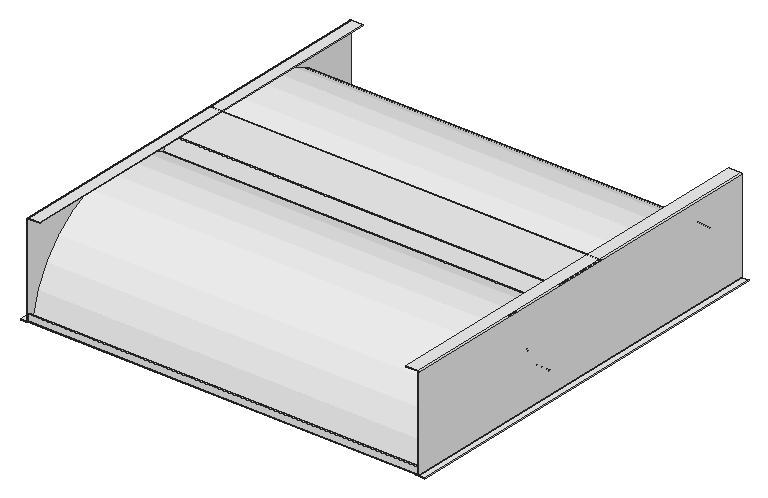
Revit family "LRTM2x2_2x4", category Lighting Fixtures, host Ceiling, Revit 2019
Family settings
  Host = Ceiling
  Round Connector Dimension = Use Diameter
  Part Type = Normal
  OmniClass Number = 23.80.70.11.14.17
  OmniClass Title = Direct/Indirect
  Always vertical = Yes
  Cut with Voids When Loaded = No
  Light Source = Yes
  Shared = No
  Room Calculation Point = No
Parameters (values of type "LRTM2X2-LED840K040LUNV")
  Width = 1' - 11 11/16"
  Wattage = 37 W
  built-in parameter 1150110 = 1 (stored number, unit not read)
  Voltage = 120 V
  URL = "https://www.viscor.com/en/products/lrtm"
  built-in parameter 1114217 = 0.9 (stored number, unit not read)
  Tilt Angle = 90.00°
  built-in parameter 1150109 = 1 (stored number, unit not read)
  built-in parameter 1150134 = 12
  built-in parameter 1150113 = 1 (stored number, unit not read)
  Reflector Width = Width / 2  # 0' - 11 27/32"
  Photometric Web File = "LRTM2x2-LED840K031LUNV-G0660.IES"
  Model = "LRTM"  # constant formula
  Manufacturer = "VISIONEERING by VISCOR"  # constant formula
  Lumens = 3108 lm
  built-in parameter 1150115 = 1 (stored number, unit not read)
  built-in parameter 1150105 = 247.33 (stored number, unit not read)
  built-in parameter 1150137 = (empty or 0)
  built-in parameter 1150139 = (empty or 0)
  Lens Finish = Acrylic - Viscor - Opal White
  Length = 1' - 11 3/4"
  Lamp Wattage = 37 VA
  built-in parameter 1150112 = 1 (stored number, unit not read)
  built-in parameter 1150114 = 1 (stored number, unit not read)
  Lamp = "LED"  # constant formula
  built-in parameter 1150132 = (empty or 0)
  built-in parameter 1150102 = (empty or 0)
  built-in parameter 1150138 = (empty or 0)
  built-in parameter 1150107 = 4000 (stored number, unit not read)
  built-in parameter 1150106 = 2.4733 (stored number, unit not read)
  Housing Finish = Metal - Viscor - White
  Emit from Rectangle Width = Width  # 1' - 11 11/16"
  Emit from Rectangle Length = Length  # 1' - 11 3/4"
  Emit Shape Visible in Rendering = no
  built-in parameter 1150104 = 7.8039 (stored number, unit not read)
  Dimming Lamp Color Temperature Shift = <None>
  Description = "LED Troffer Dish Center Basket"  # constant formula
  Color Filter = 16777215
  Basket Finish = Metal - Viscor - White Perforated Shield
  built-in parameter 1114218 = 1 (stored number, unit not read)
  built-in parameter 1150133 = 10 (stored number, unit not read)
  Assembly Code = "D5020200"
  Apparent Load = Lamp Wattage  # 37 VA
Types (4): name | Wattage | Photometric Web File | Lumens | built-in parameter 1150105 | Length | Lamp Wattage | built-in parameter 1150106 | Emit from Rectangle Length | built-in parameter 1150104 | Apparent Load
  (no name) | 37 W | "LRTM2x2-LED840K031LUNV-G0660.IES" | 3108 lm | 247.33 (stored number, unit not read) | 1' - 11 3/4" | 37 VA | 2.4733 (stored number, unit not read) | 1' - 11 3/4" | 7.8039 (stored number, unit not read) | 37 VA
  LRTM2X2-LED840K040LUNV | 37 W | "LRTM2x2-LED840K031LUNV-G0660.IES" | 3108 lm | 247.33 (stored number, unit not read) | 1' - 11 3/4" | 37 VA | 2.4733 (stored number, unit not read) | 1' - 11 3/4" | 7.8039 (stored number, unit not read) | 37 VA
  LRTM2x4-LED840K062LUNV | 76 W | "LRTM2x4-LED840K062LUNV-G0632.IES" | 5928 lm | 471.74 (stored number, unit not read) | 3' - 11 3/4" | 76 VA | 4.7174 (stored number, unit not read) | 3' - 11 3/4" | 7.2464 (stored number, unit not read) | 76 VA
  LRTM2x4-LED840K040LUNV | 46 W | "LRTM2x4-LED840K040LUNV-G0616.IES" | 4048 lm | 322.13 (stored number, unit not read) | 3' - 11 3/4" | 46 VA | 3.2213 (stored number, unit not read) | 3' - 11 3/4" | 8.1755 (stored number, unit not read) | 46 VA
Reference planes (in)
  plane 1 "Light Source Axis (F/B)": y = 0
  plane 2 "Ceiling": z = 96
  plane 3 "Light Source Axis (L/R)": x = 0
  plane 4 "Light Source Elevation": z = 95.96875
  plane 5: y = 11.84375
  plane 6: y = -11.84375
  plane 7: x = -11.875
  plane 8: x = 11.875
  plane 9: x = -11.8125
  plane 10: x = 11.8125
  plane 11: y = 11.38675
  plane 12: y = -11.38675
  plane 13: x = -11.449
  plane 14: x = 11.449
Forms (in)
  Extrusion 1, solid, material "Metal - Viscor - White" <- "Housing Finish"
    sketch origin (0, 0, 0) x (1, 0, 0) y (0, 0, 1)
      loop
        line (-11.875, 96) -> (-11.521, 96)
        arc (-11.521, 96) -> (-11.47221, 96.02021) -> (-11.452, 96.069) r 0.069
        line (-11.452, 96.069) -> (-11.452, 101.431)
        arc (-11.452, 101.431) -> (-11.44058, 101.45858) -> (-11.413, 101.47) r 0.039
        line (-11.413, 101.47) -> (-10.732, 101.47) -> (-10.732, 101.50125) -> (-11.413, 101.50125)
        arc (-11.413, 101.50125) -> (-11.46267, 101.48067) -> (-11.48325, 101.431) r 0.07025
        line (-11.48325, 101.431) -> (-11.48325, 96.069)
        arc (-11.48325, 96.069) -> (-11.49431, 96.04231) -> (-11.521, 96.03125) r 0.03775
        line (-11.521, 96.03125) -> (-11.875, 96.03125) -> (-11.875, 96)
    from -11.84375 to 11.84375
  Extrusion 2, solid, material "Metal - Viscor - White" <- "Housing Finish"
    sketch origin (0, 0, 0) x (-1, 0, 0) y (0, 0, -1)
      loop
        line (-11.875, -96) -> (-11.875, -96.03125) -> (-11.521, -96.03125)
        arc (-11.521, -96.03125) -> (-11.49431, -96.04231) -> (-11.48325, -96.069) r 0.03775
        line (-11.48325, -96.069) -> (-11.48325, -101.431)
        arc (-11.48325, -101.431) -> (-11.46267, -101.48067) -> (-11.413, -101.50125) r 0.07025
        line (-11.413, -101.50125) -> (-10.732, -101.50125) -> (-10.732, -101.47) -> (-11.413, -101.47)
        arc (-11.413, -101.47) -> (-11.44058, -101.45858) -> (-11.452, -101.431) r 0.039
        line (-11.452, -101.431) -> (-11.452, -96.069)
        arc (-11.452, -96.069) -> (-11.47221, -96.02021) -> (-11.521, -96) r 0.069
        line (-11.521, -96) -> (-11.875, -96)
    from -11.84375 to 11.84375
  Sweep 3, solid, material "Metal - Viscor - White" <- "Housing Finish"
    path origin (0, 0, 96) x (1, 0, 0) y (0, 1, 0)
      loop
        line (-11.449, 0) -> (11.449, 0)
    profile "RFL-Profile : RFL-Profile" origin (0, 0, 96) x (0, 1, 0) y (0, 0, 1)
      loop
        arc (-11.84375, 0.069) -> (-11.82354, 0.02021) -> (-11.77475, 0) r 0.069
        line (-11.77475, 0) -> (-11.52635, 0)
        arc (-11.52635, 0) -> (-11.48213, 0.01603) -> (-11.45846, 0.05667) r 0.069
        line (-11.45846, 0.05667) -> (-11.44642, 0.12299)
        arc (-11.44642, 0.12299) -> (-7.95935, 4.7618) -> (-2.1561, 4.73908) r 6.47005
        line (-2.1561, 4.73908) -> (-1.9111, 4.61519)
        arc (-1.9111, 4.61519) -> (-1.85448, 4.61265) -> (-1.81505, 4.65337) r 0.069
        line (-1.81505, 4.65337) -> (-1.63124, 5.16326) -> (-1.66064, 5.17386) -> (-1.84445, 4.66397)
        arc (-1.84445, 4.66397) -> (-1.86602, 4.64169) -> (-1.897, 4.64308) r 0.03775
        line (-1.897, 4.64308) -> (-2.142, 4.76697)
        arc (-2.142, 4.76697) -> (-7.97326, 4.78978) -> (-11.47717, 0.12857) r 6.5013
        line (-11.47717, 0.12857) -> (-11.48943, 0.06101)
        arc (-11.48943, 0.06101) -> (-11.50239, 0.03877) -> (-11.52658, 0.03) r 0.03775
        line (-11.52658, 0.03) -> (-11.77475, 0.03)
        arc (-11.77475, 0.03) -> (-11.80144, 0.04106) -> (-11.8125, 0.06775) r 0.03775
        line (-11.8125, 0.06775) -> (-11.8125, 0.477) -> (-11.84375, 0.477) -> (-11.84375, 0.069)
  Sweep 4, solid, material "Metal - Viscor - White" <- "Housing Finish"
    path origin (0, 0, 96) x (1, 0, 0) y (0, -1, 0)
      loop
        line (-11.449, 0) -> (11.449, 0)
    profile "RFL-Profile : RFL-Profile" origin (0, 0, 96) x (0, 1, 0) y (0, 0, 1)
      loop
        line (11.84375, 0.069) -> (11.84375, 0.477) -> (11.8125, 0.477) -> (11.8125, 0.06775)
        arc (11.8125, 0.06775) -> (11.80144, 0.04106) -> (11.77475, 0.03) r 0.03775
        line (11.77475, 0.03) -> (11.52658, 0.03)
        arc (11.52658, 0.03) -> (11.50239, 0.03877) -> (11.48943, 0.06101) r 0.03775
        line (11.48943, 0.06101) -> (11.47717, 0.12857)
        arc (11.47717, 0.12857) -> (7.97326, 4.78978) -> (2.142, 4.76697) r 6.5013
        line (2.142, 4.76697) -> (1.897, 4.64308)
        arc (1.897, 4.64308) -> (1.86602, 4.64169) -> (1.84445, 4.66397) r 0.03775
        line (1.84445, 4.66397) -> (1.66064, 5.17386) -> (1.63124, 5.16326) -> (1.81505, 4.65337)
        arc (1.81505, 4.65337) -> (1.85448, 4.61265) -> (1.9111, 4.61519) r 0.069
        line (1.9111, 4.61519) -> (2.1561, 4.73908)
        arc (2.1561, 4.73908) -> (7.95935, 4.7618) -> (11.44642, 0.12299) r 6.47005
        line (11.44642, 0.12299) -> (11.45846, 0.05667)
        arc (11.45846, 0.05667) -> (11.48213, 0.01603) -> (11.52635, 0) r 0.069
        line (11.52635, 0) -> (11.77475, 0)
        arc (11.77475, 0) -> (11.82354, 0.02021) -> (11.84375, 0.069) r 0.069
  Extrusion 5, solid, material "Metal - Viscor - White" <- "Housing Finish"
    sketch origin (0, 0, 0) x (0, 1, 0) y (0, 0, 1)
      loop
        line (1.56218, 101.47) -> (-1.56218, 101.47)
        arc (-1.56218, 101.47) -> (-1.60176, 101.45752) -> (-1.62702, 101.4246) r 0.069
        line (-1.62702, 101.4246) -> (-1.906, 100.65811) -> (-1.87663, 100.64742) -> (-1.59765, 101.41391)
        arc (-1.59765, 101.41391) -> (-1.58383, 101.43192) -> (-1.56218, 101.43875) r 0.03775
        line (-1.56218, 101.43875) -> (1.56218, 101.43875)
        arc (1.56218, 101.43875) -> (1.58383, 101.43192) -> (1.59765, 101.41391) r 0.03775
        line (1.59765, 101.41391) -> (1.87663, 100.64742) -> (1.906, 100.65811) -> (1.62702, 101.4246)
        arc (1.62702, 101.4246) -> (1.60176, 101.45752) -> (1.56218, 101.47) r 0.069
    from -11.449 to 11.449
  Extrusion 6, solid, material "Metal - Viscor - White" <- "Housing Finish"
    sketch origin (0, 0, 0) x (0, 1, 0) y (0, 0, 1)
      loop
        line (1.66143, 99.39869) -> (1.94227, 100.4468) -> (1.91208, 100.45488) -> (1.63124, 99.40678)
        arc (1.63124, 99.40678) -> (1.6199, 99.38981) -> (1.60057, 99.38325) r 0.03175
        line (1.60057, 99.38325) -> (-1.60057, 99.38325)
        arc (-1.60057, 99.38325) -> (-1.6199, 99.38981) -> (-1.63124, 99.40678) r 0.03175
        line (-1.63124, 99.40678) -> (-1.91208, 100.45488) -> (-1.94227, 100.4468) -> (-1.66143, 99.39869)
        arc (-1.66143, 99.39869) -> (-1.63893, 99.36502) -> (-1.60057, 99.352) r 0.063
        line (-1.60057, 99.352) -> (1.60057, 99.352)
        arc (1.60057, 99.352) -> (1.63893, 99.36502) -> (1.66143, 99.39869) r 0.063
    from -11.449 to 11.449
  Extrusion 7, solid, material "Metal - Viscor - White Perforated Shield" <- "Basket Finish"
    sketch origin (0, 0, 0) x (0, 1, 0) y (0, 0, 1)
      loop
        line (3.50449, 99.71119) -> (4.04978, 99.45967)
        arc (4.04978, 99.45967) -> (4.07004, 99.43775) -> (4.06886, 99.40793) r 0.039
        line (4.06886, 99.40793) -> (3.99305, 99.24357)
        arc (3.99305, 99.24357) -> (0, 96.688) -> (-3.99305, 99.24357) r 4.39733
        line (-3.99305, 99.24357) -> (-4.06886, 99.40793)
        arc (-4.06886, 99.40793) -> (-4.07004, 99.43775) -> (-4.04978, 99.45967) r 0.039
        line (-4.04978, 99.45967) -> (-3.50449, 99.71119) -> (-3.51758, 99.73956) -> (-4.06287, 99.48805)
        arc (-4.06287, 99.48805) -> (-4.09936, 99.44856) -> (-4.09724, 99.39484) r 0.07025
        line (-4.09724, 99.39484) -> (-4.02143, 99.23048)
        arc (-4.02143, 99.23048) -> (0, 96.65675) -> (4.02143, 99.23048) r 4.42858
        line (4.02143, 99.23048) -> (4.09724, 99.39484)
        arc (4.09724, 99.39484) -> (4.09936, 99.44856) -> (4.06287, 99.48805) r 0.07025
        line (4.06287, 99.48805) -> (3.51758, 99.73956) -> (3.50449, 99.71119)
    from -11.449 to 11.449
  Extrusion 8, solid, material "Acrylic - Viscor - Opal White" <- "Lens Finish"
    sketch origin (0, 0, 0) x (0, 1, 0) y (0, 0, 1)
      loop
        line (3.96516, 99.24837) -> (4.0177, 99.36179) -> (3.98935, 99.37493) -> (3.9368, 99.26151)
        arc (3.9368, 99.26151) -> (0, 96.74658) -> (-3.9368, 99.26151) r 4.33875
        line (-3.9368, 99.26151) -> (-3.98935, 99.37493) -> (-4.0177, 99.36179) -> (-3.96516, 99.24837)
        arc (-3.96516, 99.24837) -> (0, 96.71533) -> (3.96516, 99.24837) r 4.37
    from -11.449 to 11.449
Dimensions and locks (in)
  equal spacing: host sketch curve, plane 3 "Light Source Axis (L/R)", host sketch curve
  equal spacing: host sketch curve, plane 1 "Light Source Axis (F/B)", host sketch curve
  host sketch curve to host sketch curve = 10' - 0"  (x2)
  equal spacing: plane 7, plane 3 "Light Source Axis (L/R)", plane 8
  "Length": plane 7 to plane 8
  equal spacing: plane 5, plane 1 "Light Source Axis (F/B)", plane 6
  "Width": plane 5 to plane 6
  plane 4 "Light Source Elevation" to plane 2 "Ceiling" = 0' - 0 1/32"
  locked: plane 7 to plane 9 at 0.0625
  locked: plane 10 to plane 8 at 0.0625
  locked: plane 11 to plane 5 at 0.457
  locked: plane 12 to plane 6 at 0.457
  locked: plane 7 to plane 13 at 0.426
  locked: plane 14 to plane 8 at 0.426
  aligned and locked: plane 3 "Light Source Axis (L/R)" to imposter light
  aligned and locked: plane 1 "Light Source Axis (F/B)" to imposter light
  aligned and locked: plane 4 "Light Source Elevation" to imposter light
  aligned and locked: plane 5 to Extrusion 1
  aligned and locked: Extrusion 1 to plane 6
  aligned and locked: Extrusion 2 to plane 6
  aligned and locked: plane 5 to Extrusion 2
  aligned and locked: plane 13 to Sweep 3 sketch curve
  aligned and locked: plane 14 to Sweep 3 sketch curve
  aligned and locked: plane 1 "Light Source Axis (F/B)" to Sweep 3 sketch curve
  aligned and locked: Extrusion 5 to plane 13
  aligned and locked: plane 14 to Extrusion 5
  aligned and locked: Extrusion 6 to plane 13
  aligned and locked: plane 14 to Extrusion 6
  aligned and locked: Extrusion 7 to plane 13
  aligned and locked: plane 14 to Extrusion 7
  aligned and locked: Extrusion 8 to plane 13
  aligned and locked: plane 14 to Extrusion 8
Automatic sketch dimensions
  Extrusion 1 sketch curve to Extrusion 1 sketch curve = 0' - 0"  (x6)
  Extrusion 1 sketch curve to plane 2 "Ceiling" = 0' - 0"  (x2)
  plane 7 to Extrusion 1 sketch curve = 0' - 0"
  Extrusion 1 sketch curve to plane 13 = 0' - 0.072"
  Extrusion 1 sketch curve to plane 13 = 0' - 0.03425"
  Extrusion 1 sketch curve to plane 13 = 0' - 0.003"
  plane 13 to Extrusion 1 sketch curve = 0' - 0.036"
  Extrusion 1 sketch curve to Extrusion 1 sketch curve = 0' - 0.681"
  plane 2 "Ceiling" to Extrusion 1 sketch curve = 0' - 0 1/32"
  Extrusion 1 sketch curve to Extrusion 1 sketch curve = 0' - 5.362"
  Extrusion 2 sketch curve to Extrusion 2 sketch curve = 0' - 0"  (x6)
  Extrusion 2 sketch curve to plane 2 "Ceiling" = 0' - 0"
  plane 8 to Extrusion 2 sketch curve = 0' - 0"
  plane 2 "Ceiling" to Extrusion 2 sketch curve = 0' - 0"
  Extrusion 2 sketch curve to plane 14 = 0' - 0.072"
  Extrusion 2 sketch curve to plane 14 = 0' - 0.03425"
  Extrusion 2 sketch curve to plane 14 = 0' - 0.003"
  plane 14 to Extrusion 2 sketch curve = 0' - 0.036"
  Extrusion 2 sketch curve to Extrusion 2 sketch curve = 0' - 0.681"
  Extrusion 2 sketch curve to plane 2 "Ceiling" = 0' - 0 1/32"
  Extrusion 2 sketch curve to Extrusion 2 sketch curve = 0' - 5.362"
  plane 1 "Light Source Axis (F/B)" to Sweep 4 sketch curve = 0' - 0"
  Sweep 4 sketch curve to plane 13 = 0' - 0"
  Sweep 4 sketch curve to plane 14 = 0' - 0"
  Extrusion 5 sketch curve to Extrusion 5 sketch curve = 0' - 0"  (x4)
  plane 1 "Light Source Axis (F/B)" to Extrusion 5 sketch curve = 0' - 1.62702"
  Extrusion 5 sketch curve to Extrusion 5 sketch curve = 0' - 0.02937"  (x3)
  Extrusion 5 sketch curve to Extrusion 5 sketch curve = 0' - 0.03547"  (x2)
  Extrusion 5 sketch curve to plane 1 "Light Source Axis (F/B)" = 0' - 1.56218"
  Extrusion 5 sketch curve to Extrusion 5 sketch curve = 0' - 0.27898"  (x2)
  plane 2 "Ceiling" to Extrusion 5 sketch curve = 0' - 4.64742"
  Extrusion 5 sketch curve to Extrusion 5 sketch curve = 0' - 0.01069"  (x2)
  Extrusion 5 sketch curve to Extrusion 5 sketch curve = 0' - 0.01291"  (x2)
  Extrusion 6 sketch curve to Extrusion 6 sketch curve = 0' - 0"  (x4)
  plane 1 "Light Source Axis (F/B)" to Extrusion 6 sketch curve = 0' - 1.94227"
  Extrusion 6 sketch curve to Extrusion 6 sketch curve = 0' - 0.03019"  (x4)
  Extrusion 6 sketch curve to Extrusion 6 sketch curve = 0' - 0.28084"  (x2)
  Extrusion 6 sketch curve to Extrusion 6 sketch curve = 0' - 0.03067"  (x2)
  Extrusion 6 sketch curve to plane 1 "Light Source Axis (F/B)" = 0' - 1.60057"
  plane 2 "Ceiling" to Extrusion 6 sketch curve = 0' - 3.352"
  Extrusion 6 sketch curve to Extrusion 6 sketch curve = 0' - 0.01544"  (x2)
  Extrusion 6 sketch curve to Extrusion 6 sketch curve = 0' - 0.00809"
  Extrusion 7 sketch curve to Extrusion 7 sketch curve = 0' - 0"  (x6)
  Extrusion 7 sketch curve to plane 1 "Light Source Axis (F/B)" = 0' - 0"
  plane 1 "Light Source Axis (F/B)" to Extrusion 7 sketch curve = 0' - 3.50449"
  Extrusion 7 sketch curve to Extrusion 7 sketch curve = 0' - 0.01309"  (x6)
  Extrusion 7 sketch curve to Extrusion 7 sketch curve = 0' - 0.48856"
  Extrusion 7 sketch curve to Extrusion 7 sketch curve = 0' - 0.02838"  (x4)
  Extrusion 7 sketch curve to Extrusion 7 sketch curve = 0' - 0.0404"  (x2)
  Extrusion 7 sketch curve to Extrusion 7 sketch curve = 0' - 0.01633"  (x4)
  Extrusion 7 sketch curve to Extrusion 7 sketch curve = 0' - 0.03541"  (x2)
  plane 2 "Ceiling" to Extrusion 7 sketch curve = 0' - 3.24357"
  Extrusion 7 sketch curve to plane 1 "Light Source Axis (F/B)" = 0' - 3.99305"
  plane 2 "Ceiling" to Extrusion 7 sketch curve = 0' - 3 59/256"
  plane 2 "Ceiling" to Extrusion 7 sketch curve = 0' - 3.39484"
  Extrusion 7 sketch curve to Extrusion 7 sketch curve = 0' - 0.16436"
  Extrusion 7 sketch curve to Extrusion 7 sketch curve = 0' - 1.37415"
  Extrusion 7 sketch curve to Extrusion 7 sketch curve = 0' - 0.25151"
  Extrusion 8 sketch curve to Extrusion 8 sketch curve = 0' - 0"  (x2)
  Extrusion 8 sketch curve to plane 1 "Light Source Axis (F/B)" = 0' - 0"
  plane 1 "Light Source Axis (F/B)" to Extrusion 8 sketch curve = 0' - 3.9368"
  Extrusion 8 sketch curve to Extrusion 8 sketch curve = 0' - 0.02835"  (x4)
  Extrusion 8 sketch curve to plane 1 "Light Source Axis (F/B)" = 0' - 3.9368"
  plane 2 "Ceiling" to Extrusion 8 sketch curve = 0' - 3.24837"
  Extrusion 8 sketch curve to Extrusion 8 sketch curve = 0' - 0.05254"  (x2)
  Extrusion 8 sketch curve to Extrusion 8 sketch curve = 0' - 1.82383"
  Extrusion 8 sketch curve to Extrusion 8 sketch curve = 0' - 0.01314"
Connectors (in)
  electrical at (0, 0, 96), driven by "Voltage", driven by "Apparent Load"
    settings: index 1, voltage 120 V, apparent load 0 VA, apparent load phase1 37 VA, apparent load phase2 0 VA, apparent load phase3 0 VA, power factor 1, load classification "Other", number of poles 1, system type 31, power factor state 1, is connector primary yes, connector utility no, sub classification motor no, connector description ""
